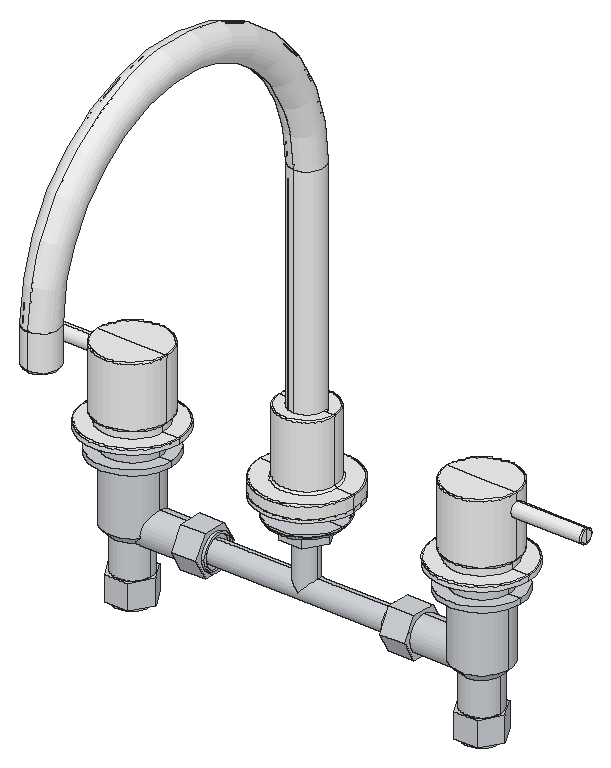
Revit family "Reece_Tap_Sussex_Scala_Curved_Sink Set", category Plumbing Fixtures, host Face, Revit 2018
Family settings
  Host = Face
  Round Connector Dimension = Use Diameter
  Part Type = Normal
  Cut with Voids When Loaded = No
  Shared = Yes
  Room Calculation Point = Yes
Parameters (values of type "190 mm_3 Star_Satin Chrome")
  WFU = 0  # constant formula
  URL = "https://www.reece.com.au/product/-2261468"
  Type Comments = "Tap"
  Reece_Tap_Reach = 190 mm  # constant formula
  Reece_Tap_Inlet = 12 mm  # constant formula
  Reece_Tap_Handle_Spacing [instance] = if(Reece_Tap_Axis Distance < 70 mm, 70 mm, if(Reece_Tap_Axis Distance > 70 mm, Reece_Tap_Axis Distance, Reece_Tap_Axis Distance))  # 100 mm
  Reece_Tap_Handle_Height = 43 mm  # constant formula
  Reece_Tap_Clearance = 150 mm  # constant formula
  Reece_Tap_Axis Distance [instance] = 100 mm
  Reece_Product_Web Page = "https://www.reece.com.au/product/-2261468"
  Reece_Product_Type = "Tap"  # constant formula
  Reece_Product_Sub Brand = "Scala"  # constant formula
  Reece_Product_Number = "2261468"
  Reece_Product_Mount = "Hob Mounted"
  Reece_Product_Description = "Sussex Scala Hob Sink Set Curved Satin Chrome (3 Star)"
  Reece_Product_Brand = "Sussex"  # constant formula
  Reece_Overall_Height = 275 mm  # constant formula
  Reece_Overall_Diameter = 54 mm  # constant formula
  Reece_Material_Main = Reece_Brass_Satin Chrome
  Reece_Detail_Shape = "Curved"  # constant formula
  Reece_Detail_Disclaimer = "THIS FILE IS THE PROPERTY OF THE REECE GROUP. IT MAY NOT BE REPRODUCED, REVERSE-ENGINEERED OR MODIFIED. ANY REPUBLICATION, TRANSMISSION OR DISTRIBUTION FOR THE PURPOSE OF COMMERCIALLY EXPLOITING THE FILES IS PROHIBITED."  # constant formula
  Reece_Detail_Additional = "Sink Set"  # constant formula
  Reece_Backplate_Thickness = 3 mm  # constant formula
  Model = "Scala"
  Manufacturer = "Sussex"
  Keynote = "Product #2261468, Reece_Tap_Sussex_Scala_Curved_Sink Set - 190 mm_3 Star_Satin Chrome"
  HWFU = 0  # constant formula
  Disclaimer = "THIS FILE IS THE PROPERTY OF THE REECE GROUP. IT MAY NOT BE REPRODUCED, REVERSE-ENGINEERED OR MODIFIED. ANY REPUBLICATION, TRANSMISSION OR DISTRIBUTION FOR THE PURPOSE OF COMMERCIALLY EXPLOITING THE FILES IS PROHIBITED."  # constant formula
  Description = "Scala Hob Sink Set Curved Satin Chrome (3 Star)"
  Default Elevation = 1000 mm
  CWFU = 0  # constant formula
Types (3, lengths in mm): name | URL | Reece_Product_Web Page | Reece_Product_Number | Reece_Product_Description | Reece_Material_Main | Keynote | Description
  190 mm_3 Star_PVD Brushed Platinum Gold | "https://www.reece.com.au/product/-2268277" | "https://www.reece.com.au/product/-2268277" | "2268277" | "Sussex Scala Hob Sink Set Curved LUX PVD Brushed Platinum Gold (3 Star)" | Reece_PVD_Brushed_Platinum Gold | "Product #2268277, Reece_Tap_Sussex_Scala_Curved_Sink Set - 190 mm_3 Star_PVD Brushed Platinum Gold" | "Scala Hob Sink Set Curved LUX PVD Brushed Platinum Gold (3 Star)"
  190 mm_3 Star_Chrome | "https://www.reece.com.au/product/-2261423" | "https://www.reece.com.au/product/-2261423" | "2261423" | "Sussex Scala Hob Sink Set Curved Chrome (3 Star)" | Reece_Brass_Chrome | "Product #2261423, Reece_Tap_Sussex_Scala_Curved_Sink Set - 190 mm_3 Star_Chrome" | "Scala Hob Sink Set Curved Chrome (3 Star)"
  190 mm_3 Star_Satin Chrome | "https://www.reece.com.au/product/-2261468" | "https://www.reece.com.au/product/-2261468" | "2261468" | "Sussex Scala Hob Sink Set Curved Satin Chrome (3 Star)" | Reece_Brass_Satin Chrome | "Product #2261468, Reece_Tap_Sussex_Scala_Curved_Sink Set - 190 mm_3 Star_Satin Chrome" | "Scala Hob Sink Set Curved Satin Chrome (3 Star)"
Reference planes
  plane 1 "Center (Front/Back)": y = 0
  plane 2 "Bottom": z = 0
  plane 3 "Center (Left/Right)": x = 0
  plane 4: x = 100
  plane 5: x = -100
  plane 6: z = 43
  plane 7: x = -73
  plane 8: x = -127
  plane 9: x = -27
  plane 10: x = 27
  plane 11: x = -9.5
  plane 12: x = 9.5
  plane 13: y = -27
  plane 14: z = 3
  plane 15: z = 150
  plane 16: y = -190
  plane 17: z = 275
Forms (mm)
  Revolve 1, void
    sketch origin (100, 0, 0) x (1, 0, 0) y (0, 0, 1)
      loop
        line (-100, 0) -> (-100, -25) -> (-88, -25) -> (-88, 0) -> (-100, 0)
      axis (-100, 0) -> (-100, -25)
    angle from 0 to 360
  Extrusion 2, void
    sketch origin (0, 60, 0) x (1, 0, 0) y (0, 1, 0)
      loop
        circle (-100, -60) r 15
    from -46.469 to 0
  Extrusion 3, void
    sketch origin (0, -20, 0) x (-1, 0, 0) y (0, -1, 0)
      loop
        circle (-100, -20) r 15
    from -46.469 to 0
  Revolve 4, solid, material "Reece_Brass_Satin Chrome" <- "Reece_Material_Main"
    sketch origin (0, 0, 0) x (1, 0, 0) y (0, 0, 1)
      loop
        line (13.5, 2.5) -> (13.5, 3.5)
        arc (13.5, 3.5) -> (13.354, 3.854) -> (13, 4) r 0.5
        line (13, 4) -> (0, 4) -> (0, 0) -> (27, 0) -> (27, 2)
        arc (27, 2) -> (26.854, 2.354) -> (26.5, 2.5) r 0.5
        line (26.5, 2.5) -> (13.5, 2.5)
      axis (0, 0) -> (0, 4)
    angle from 0 to 360
  Sweep 5, solid, material "Reece_Brass_Satin Chrome" <- "Reece_Material_Main"
    path origin (0, 0, -255.954) x (0, 1, 0) y (0, 0, 1)
      loop
        line (0, 299.515) -> (0, 426.421)
        arc (0, 426.421) -> (-95, 521.421) -> (-190, 426.421) r 95
    profile origin (0, 0, 107.014) x (0, -1, 0) y (1, 0, 0)
      loop
        circle (0, 0) r 9.5
      loop
        circle (0, 0) r 8.5
  Revolve 6, solid, material "Reece_Brass_Satin Chrome" <- "Reece_Material_Main"
    sketch origin (0, -60, 65) x (0, 1, 0) y (0, 0, 1)
      loop
        line (-130, 85) -> (-130, 106.625) -> (-138.58, 106.625) -> (-138.58, 105.625) -> (-139.486, 105.625) -> (-139.486, 85.5)
        arc (-139.486, 85.5) -> (-139.34, 85.146) -> (-138.986, 85) r 0.5
        line (-138.986, 85) -> (-137.94, 85) -> (-137.94, 85.906) -> (-136.752, 85.906) -> (-136.592, 85) -> (-130, 85)
      axis (-130, 106.625) -> (-130, 85)
    angle from 0 to 360
  Revolve 7, solid, material "Reece_Brass_Satin Chrome" <- "Reece_Material_Main"
    sketch origin (0, 0, 0) x (1, 0, 0) y (0, 0, 1)
      loop
        arc (17.021, 9) -> (16.299, 9.299) -> (16, 10.021) r 1.021
        line (16, 10.021) -> (16, 45.5)
        arc (16, 45.5) -> (15.854, 45.854) -> (15.5, 46) r 0.5
        line (15.5, 46) -> (9.8, 46) -> (9.8, 43.561) -> (0, 43.561) -> (0, 0) -> (27, 0) -> (27, 8.5)
        arc (27, 8.5) -> (26.854, 8.854) -> (26.5, 9) r 0.5
        line (26.5, 9) -> (17.021, 9)
      axis (0, 0) -> (0, 46)
    angle from 0 to 360
  Revolve 8, void
    sketch origin (0, 0, -0.156) x (0, 1, 0) y (0, 0, 1)
      loop
        line (-190, 169.419) -> (-190, 171.095) -> (-201.153, 171.095) -> (-201.153, 169.419) -> (-190, 169.419)
      axis (-190, 171.095) -> (-190, 169.419)
    angle from 0 to 360
  Revolve 9, solid
    sketch origin (-0.119, 0, -0.763) x (1, 0, 0) y (0, 0, 1)
      loop
        line (0, 5.835) -> (0, -47) -> (6.5, -47) -> (6.5, -11.7) -> (18.888, -11.7)
        arc (18.888, -11.7) -> (19.596, -11.407) -> (19.888, -10.7) r 1
        line (19.888, -10.7) -> (19.888, -9.6) -> (20.888, -9.6) -> (20.888, -8.742) -> (10, -8.742) -> (10, 5.835) -> (0, 5.835)
      axis (0, 5.835) -> (0, -47)
    angle from 0 to 360
  Revolve 10, solid
    sketch origin (-0.119, 0, -0.763) x (1, 0, 0) y (0, 0, 1)
      loop
        line (50.612, -47) -> (50.612, -40.5) -> (-66.612, -40.5) -> (-66.612, -37.123) -> (-99.259, -37.123) -> (-99.259, -47) -> (-70.103, -47) -> (50.612, -47)
      loop
        line (66.612, -37.123) -> (66.612, -47) -> (99.893, -47) -> (99.893, -37.123) -> (66.612, -37.123)
      axis (99.893, -47) -> (-99.259, -47)
    angle from 0 to 360
  Extrusion 11, solid
    sketch origin (-121.731, -0.379, -50.644) x (0, 1, 0) y (0, 0, 1)
      loop
        line (-12.921, 2.881) -> (-6.271, -8.637) -> (7.029, -8.637) -> (13.679, 2.881) -> (7.029, 14.399) -> (-6.271, 14.399) -> (-12.921, 2.881)
    from 55 to 69
  Extrusion 12, solid
    sketch origin (-52.731, -0.379, -50.644) x (0, 1, 0) y (0, 0, 1)
      loop
        circle (0.379, 2.881) r 10
      loop
        circle (0.379, 2.881) r 9
    from 0 to 2
  Revolve 13, solid
    sketch origin (-4.865, 0, -0.763) x (1, 0, 0) y (0, 0, 1)
      loop
        line (-110.559, -12.6) -> (-110.559, -48.588) -> (-105.61, -53.538) -> (-105.61, -72.919) -> (-104.007, -74.52) -> (-95, -74.52) -> (-95, 22.835) -> (-105, 22.835) -> (-105, 0.835) -> (-110.559, -2.375) -> (-110.559, -9.6) -> (-117.347, -9.6) -> (-117.347, -12.6) -> (-110.559, -12.6)
      axis (-95, 22.835) -> (-95, -74.52)
    angle from 0 to 360
  Extrusion 14, solid
    sketch origin (-104.865, 0, -73.682) x (0, 1, 0) y (1, 0, 0)
      loop
        line (0.001, 18.3) -> (-11.518, 11.65) -> (-11.518, -1.65) -> (0.001, -8.3) -> (11.519, -1.65) -> (11.519, 11.65) -> (0.001, 18.3)
    from 0 to 14
  Extrusion 15, solid
    sketch origin (-104.865, 0, -87.682) x (-1, 0, 0) y (0, 1, 0)
      loop
        circle (-5, 0.001) r 10
      loop
        circle (-5, 0.001) r 9
    from 0 to 2
  Extrusion 16, solid
    sketch origin (105.135, 0, -73.682) x (0, 1, 0) y (1, 0, 0)
      loop
        line (0.001, 8.3) -> (-11.518, 1.65) -> (-11.518, -11.65) -> (0.001, -18.3) -> (11.519, -11.65) -> (11.519, 1.65) -> (0.001, 8.3)
    from 0 to 14
  Extrusion 17, solid
    sketch origin (105.135, 0, -87.682) x (-1, 0, 0) y (0, 1, 0)
      loop
        circle (5, 0.001) r 10
      loop
        circle (5, 0.001) r 9
    from 0 to 2
  Extrusion 18, solid
    sketch origin (57.492, -0.379, -50.644) x (0, 1, 0) y (0, 0, 1)
      loop
        line (-12.921, 2.881) -> (-6.271, -8.637) -> (7.029, -8.637) -> (13.679, 2.881) -> (7.029, 14.399) -> (-6.271, 14.399) -> (-12.921, 2.881)
    from -5 to 9
  Extrusion 19, solid
    sketch origin (52.492, -0.379, -50.644) x (0, -1, 0) y (0, 0, 1)
      loop
        circle (-0.379, 2.881) r 10
      loop
        circle (-0.379, 2.881) r 9
    from 0 to 2
  Revolve 20, solid
    sketch origin (5.135, 0, -0.763) x (-1, 0, 0) y (0, 0, -1)
      loop
        line (-110.559, 12.6) -> (-117.347, 12.6) -> (-117.347, 9.6) -> (-110.559, 9.6) -> (-110.559, 2.375) -> (-105, -0.835) -> (-105, -22.835) -> (-95, -22.835) -> (-95, 74.52) -> (-104.007, 74.52) -> (-105.61, 72.919) -> (-105.61, 53.538) -> (-110.559, 48.588) -> (-110.559, 12.6)
      axis (-95, -22.835) -> (-95, 74.52)
    angle from 0 to 360
  Extrusion 21, solid
    sketch origin (-0.119, 0, -12.463) x (0, 1, 0) y (1, 0, 0)
      loop
        line (0.001, 13.3) -> (-11.518, 6.65) -> (-11.518, -6.65) -> (0.001, -13.3) -> (11.519, -6.65) -> (11.519, 6.65) -> (0.001, 13.3)
    from 0 to 8.3
Cuts and joins
  Revolve 8 cuts Sweep 5
  joined: Revolve 9, Revolve 10, Revolve 13, Revolve 20
Text (mm)
  text "Reece Copyright © 2018, Reece Ltd." at (-168.326, -191.773, 0), in view "Ref. Level"
  text "Reece ©" at (44.384, 258.95, 192.345), in view "Reece Preview"
Dimensions and locks
  equal spacing: plane 5, plane 3 "Center (Left/Right)", plane 4
  plane 5 to plane 4 = 200 mm
  "Reece_Tap_Handle_Height": plane 6 to plane 2 "Bottom"
  "Reece_Overall_Diameter": plane 8 to plane 7
  equal spacing: plane 8, plane 5, plane 7
  "Reece_Overall_Diameter": plane 9 to plane 10
  "Reece_Tap_Handle_Spacing": plane 5 to plane 3 "Center (Left/Right)"
  "Reece_Tap_Handle_Spacing": plane 3 "Center (Left/Right)" to plane 4
  plane 11 to plane 12 = 19 mm
  "Reece_Backplate_Thickness": plane 14 to plane 2 "Bottom"
  "Reece_Tap_Clearance": plane 15 to plane 2 "Bottom"
  nested 2 to nested 2 = 80 mm
  nested 1 to nested 1 = 40 mm
  "Reece_Tap_Reach": plane 1 "Center (Front/Back)" to plane 16
  "Reece_Overall_Height": plane 17 to plane 2 "Bottom"
  aligned and locked: plane 2 "Bottom" to host face
  aligned and locked: level to host face
  aligned and locked: nested 1 to plane 4
  aligned and locked: plane 1 "Center (Front/Back)" to nested 1
  aligned and locked: plane 5 to nested 2
  aligned and locked: nested 2 to plane 1 "Center (Front/Back)"
Automatic sketch dimensions
  host sketch curve to host sketch curve = 418.755 mm
  host sketch curve to host sketch curve = 277.121 mm
  Revolve 1 sketch curve to level = 0 mm
  Revolve 1 sketch curve to plane 3 "Center (Left/Right)" = 0 mm  (x2)
  plane 12 to Revolve 1 sketch curve = 2.5 mm
  Revolve 1 sketch curve to Revolve 1 sketch curve = 25 mm
  Revolve 1 sketch curve to Revolve 1 sketch curve = 10 mm
  Revolve 1 sketch curve to Revolve 1 sketch curve = 40 mm
  plane 1 "Center (Front/Back)" to Extrusion 2 sketch curve = 0 mm
  Extrusion 2 sketch curve to plane 5 = 0 mm
  plane 1 "Center (Front/Back)" to Extrusion 3 sketch curve = 0 mm
  Extrusion 3 sketch curve to plane 4 = 0 mm
  Revolve 4 sketch curve to level = 0 mm
  Revolve 4 sketch curve to plane 3 "Center (Left/Right)" = 0 mm  (x2)
  plane 10 to Revolve 4 sketch curve = 0 mm
  plane 14 to Revolve 4 sketch curve = 1 mm
  plane 12 to Revolve 4 sketch curve = 3.5 mm
  Revolve 4 sketch curve to Revolve 4 sketch curve = 0.5 mm
  plane 10 to Revolve 4 sketch curve = 0.5 mm
  level to Revolve 4 sketch curve = 2 mm
  Revolve 4 sketch curve to Revolve 4 sketch curve = 7.23 mm
  Revolve 4 sketch curve to Revolve 4 sketch curve = 12.77 mm
  Sweep 5 sketch curve to plane 1 "Center (Front/Back)" = 0 mm
  plane 6 to Sweep 5 sketch curve = 0.561 mm
  Sweep 5 sketch curve to Sweep 5 sketch curve = 0 mm  (x2)
  Sweep 5 sketch curve to profile plane = 0 mm  (x2)
  Revolve 6 sketch curve to Revolve 6 sketch curve = 0.5 mm
  Revolve 6 sketch curve to Revolve 6 sketch curve = 0.906 mm  (x2)
  Revolve 6 sketch curve to Revolve 6 sketch curve = 1.047 mm
  Revolve 6 sketch curve to Revolve 6 sketch curve = 1.188 mm
  Revolve 6 sketch curve to Revolve 6 sketch curve = 0.16 mm
  Revolve 6 sketch curve to Revolve 6 sketch curve = 6.592 mm
  Revolve 6 sketch curve to Revolve 6 sketch curve = 0.406 mm
  Revolve 6 sketch curve to Revolve 6 sketch curve = 0 mm
  Revolve 6 sketch curve to Revolve 6 sketch curve = 17 mm
  Revolve 7 sketch curve to plane 3 "Center (Left/Right)" = 0 mm  (x2)
  plane 10 to Revolve 7 sketch curve = 0 mm
  Revolve 7 sketch curve to level = 0 mm
  plane 12 to Revolve 7 sketch curve = 0.3 mm
  plane 6 to Revolve 7 sketch curve = 2.5 mm
  Revolve 7 sketch curve to Revolve 7 sketch curve = 5.7 mm
  Revolve 7 sketch curve to Revolve 7 sketch curve = 0.5 mm
  Revolve 7 sketch curve to Revolve 7 sketch curve = 1.021 mm
  plane 6 to Revolve 7 sketch curve = 0.561 mm
  Revolve 7 sketch curve to Revolve 7 sketch curve = 7.23 mm
  Revolve 7 sketch curve to Revolve 7 sketch curve = 12.77 mm
  Revolve 8 sketch curve to Revolve 8 sketch curve = 11.153 mm
  Revolve 8 sketch curve to Revolve 8 sketch curve = 1.676 mm
  Revolve 8 sketch curve to Revolve 8 sketch curve = 0 mm
  Revolve 8 sketch curve to Revolve 8 sketch curve = 3.261 mm
  Revolve 8 sketch curve to Revolve 8 sketch curve = 2.316 mm
  Sweep 5 sketch curve to plane 13 = 68 mm
  Revolve 6 sketch curve to plane 13 = 172.486 mm
  Revolve 8 sketch curve to plane 13 = 174.153 mm
  plane 15 to Sweep 5 sketch curve = 20.467 mm
  Revolve 6 sketch curve to plane 15 = 0 mm
  Revolve 6 sketch curve to Revolve 6 sketch curve = 19.719 mm
  Revolve 6 sketch curve to Revolve 6 sketch curve = 1 mm
  Revolve 6 sketch curve to Revolve 6 sketch curve = 11.375 mm
  plane 15 to Revolve 8 sketch curve = 19.263 mm
  plane 10 to Revolve 7 sketch curve = 0.5 mm
  plane 14 to Revolve 7 sketch curve = 5.5 mm
  Revolve 9 sketch curve to plane 3 "Center (Left/Right)" = 0.119 mm  (x2)
  Revolve 9 sketch curve to plane 12 = 3.119 mm
  plane 12 to Revolve 9 sketch curve = 0.381 mm
  plane 10 to Revolve 9 sketch curve = 8.231 mm
  Revolve 9 sketch curve to Revolve 9 sketch curve = 1 mm  (x2)
  Revolve 9 sketch curve to level = 47.763 mm
  Revolve 9 sketch curve to level = 12.463 mm
  Revolve 9 sketch curve to Revolve 9 sketch curve = 1.1 mm
  Revolve 9 sketch curve to Revolve 9 sketch curve = 2.958 mm
  plane 14 to Revolve 9 sketch curve = 2.072 mm
  Revolve 9 sketch curve to Revolve 9 sketch curve = 9.761 mm
  Revolve 9 sketch curve to Revolve 9 sketch curve = 17.404 mm
  Revolve 10 sketch curve to plane 5 = 0.621 mm
  Revolve 10 sketch curve to plane 7 = 2.777 mm
  Revolve 10 sketch curve to plane 7 = 6.269 mm
  Revolve 10 sketch curve to plane 10 = 23.492 mm
  Revolve 10 sketch curve to Revolve 10 sketch curve = 16 mm
  Revolve 10 sketch curve to plane 4 = 0.227 mm
  Revolve 10 sketch curve to level = 47.763 mm  (x2)
  Revolve 10 sketch curve to Revolve 10 sketch curve = 6.5 mm
  Revolve 10 sketch curve to Revolve 10 sketch curve = 3.377 mm
  Revolve 10 sketch curve to Revolve 10 sketch curve = 9.877 mm
  plane 8 to Revolve 10 sketch curve = 3.119 mm
  plane 4 to Revolve 10 sketch curve = 24.881 mm
  Revolve 10 sketch curve to Revolve 10 sketch curve = 0 mm
  plane 1 "Center (Front/Back)" to Extrusion 11 sketch curve = 13.3 mm
  plane 1 "Center (Front/Back)" to Extrusion 11 sketch curve = 6.65 mm  (x2)
  Extrusion 11 sketch curve to plane 1 "Center (Front/Back)" = 6.65 mm  (x2)
  Extrusion 11 sketch curve to plane 1 "Center (Front/Back)" = 13.3 mm
  Extrusion 11 sketch curve to level = 59.281 mm
  Extrusion 11 sketch curve to Extrusion 11 sketch curve = 11.518 mm  (x3)
  Extrusion 12 sketch curve to Extrusion 12 sketch curve = 0 mm  (x2)
  Extrusion 12 sketch curve to Extrusion 11 = 11.518 mm  (x2)
  Revolve 13 sketch curve to plane 8 = 4.788 mm
  Revolve 13 sketch curve to Revolve 13 sketch curve = 6.788 mm  (x2)
  Revolve 13 sketch curve to level = 3.137 mm
  Revolve 13 sketch curve to Revolve 13 sketch curve = 4.95 mm  (x2)
  level to Revolve 13 sketch curve = 0.072 mm
  Revolve 13 sketch curve to Revolve 13 sketch curve = 5.559 mm
  Revolve 13 sketch curve to Revolve 13 sketch curve = 1.602 mm
  Revolve 13 sketch curve to plane 5 = 0.135 mm  (x2)
  Revolve 13 sketch curve to Revolve 13 sketch curve = 7.226 mm
  Revolve 13 sketch curve to Revolve 13 sketch curve = 3 mm
  Revolve 13 sketch curve to Revolve 13 sketch curve = 35.988 mm
  Revolve 13 sketch curve to Revolve 13 sketch curve = 19.382 mm
  Revolve 13 sketch curve to Revolve 13 sketch curve = 1.601 mm
  Revolve 13 sketch curve to Revolve 13 sketch curve = 0 mm
  plane 14 to Revolve 13 sketch curve = 19.072 mm
  Revolve 13 sketch curve to Revolve 13 sketch curve = 38.18 mm
  Revolve 13 sketch curve to plane 15 = 28.463 mm
  plane 1 "Center (Front/Back)" to Extrusion 14 sketch curve = 11.518 mm
  Extrusion 14 sketch curve to plane 1 "Center (Front/Back)" = 0.001 mm  (x2)
  Extrusion 14 sketch curve to plane 1 "Center (Front/Back)" = 11.519 mm
  Extrusion 14 sketch curve to plane 5 = 13.434 mm
  Extrusion 14 sketch curve to plane 5 = 6.784 mm  (x2)
  plane 5 to Extrusion 14 sketch curve = 6.516 mm  (x2)
  plane 5 to Extrusion 14 sketch curve = 13.166 mm
  Extrusion 15 sketch curve to Extrusion 15 sketch curve = 0 mm  (x2)
  Extrusion 14 to Extrusion 15 sketch curve = 11.518 mm  (x2)
  plane 1 "Center (Front/Back)" to Extrusion 16 sketch curve = 11.518 mm
  Extrusion 16 sketch curve to plane 1 "Center (Front/Back)" = 0.001 mm  (x2)
  Extrusion 16 sketch curve to plane 1 "Center (Front/Back)" = 11.519 mm
  plane 4 to Extrusion 16 sketch curve = 13.435 mm
  plane 4 to Extrusion 16 sketch curve = 6.785 mm  (x2)
  Extrusion 16 sketch curve to plane 4 = 6.515 mm  (x2)
  Extrusion 16 sketch curve to plane 4 = 13.165 mm
  Extrusion 17 sketch curve to Extrusion 17 sketch curve = 0 mm  (x2)
  Extrusion 17 sketch curve to plane 1 "Center (Front/Back)" = 0.001 mm
  plane 4 to Extrusion 17 sketch curve = 0.135 mm
  plane 1 "Center (Front/Back)" to Extrusion 18 sketch curve = 13.3 mm
  plane 1 "Center (Front/Back)" to Extrusion 18 sketch curve = 6.65 mm  (x2)
  Extrusion 18 sketch curve to plane 1 "Center (Front/Back)" = 6.65 mm  (x2)
  Extrusion 18 sketch curve to plane 1 "Center (Front/Back)" = 13.3 mm
  Extrusion 18 sketch curve to level = 59.281 mm
  Extrusion 18 sketch curve to Extrusion 18 sketch curve = 11.518 mm  (x3)
  Extrusion 19 sketch curve to Extrusion 19 sketch curve = 0 mm  (x2)
  Extrusion 19 sketch curve to Extrusion 18 = 11.518 mm  (x2)
  plane 4 to Revolve 20 sketch curve = 22.482 mm
  Revolve 20 sketch curve to Revolve 20 sketch curve = 6.788 mm  (x2)
  Revolve 20 sketch curve to level = 3.137 mm
  Revolve 20 sketch curve to Revolve 20 sketch curve = 4.95 mm  (x2)
  level to Revolve 20 sketch curve = 0.072 mm
  Revolve 20 sketch curve to Revolve 20 sketch curve = 5.559 mm
  Revolve 20 sketch curve to Revolve 20 sketch curve = 1.602 mm
  plane 4 to Revolve 20 sketch curve = 0.135 mm  (x2)
  plane 14 to Revolve 20 sketch curve = 19.072 mm
  Revolve 20 sketch curve to Revolve 20 sketch curve = 7.226 mm
  Revolve 20 sketch curve to Revolve 20 sketch curve = 3 mm
  Revolve 20 sketch curve to Revolve 20 sketch curve = 35.988 mm
  Revolve 20 sketch curve to Revolve 20 sketch curve = 19.382 mm
  Revolve 20 sketch curve to Revolve 20 sketch curve = 1.601 mm
  Revolve 20 sketch curve to Revolve 20 sketch curve = 0 mm
  Revolve 20 sketch curve to plane 15 = 28.463 mm
  Revolve 20 sketch curve to Revolve 20 sketch curve = 38.18 mm
  Extrusion 21 sketch curve to plane 12 = 2.969 mm  (x2)
  plane 1 "Center (Front/Back)" to Extrusion 21 sketch curve = 11.518 mm
  Extrusion 21 sketch curve to plane 1 "Center (Front/Back)" = 0.001 mm  (x2)
  Extrusion 21 sketch curve to plane 1 "Center (Front/Back)" = 11.519 mm
  plane 12 to Extrusion 21 sketch curve = 3.681 mm
  Extrusion 21 sketch curve to plane 11 = 2.731 mm  (x2)
  plane 11 to Extrusion 21 sketch curve = 3.919 mm
  radius of Extrusion 2 sketch curve = 15 mm
  radius of Extrusion 3 sketch curve = 15 mm
  radius of Sweep 5 sketch curve = 9.5 mm
  radius of Sweep 5 sketch curve = 8.5 mm
  radius of Extrusion 12 sketch curve = 10 mm
  radius of Extrusion 12 sketch curve = 9 mm
  radius of Extrusion 15 sketch curve = 10 mm
  radius of Extrusion 15 sketch curve = 9 mm
  radius of Extrusion 17 sketch curve = 10 mm
  radius of Extrusion 17 sketch curve = 9 mm
  radius of Extrusion 19 sketch curve = 10 mm
  radius of Extrusion 19 sketch curve = 9 mm
Nested families
  nested 1: "Reece_Tap_Sussex_Scala_Set_Mixer_Nested" at (100, 0, 0) x (0, -1, 0) z (0, 0, 1), Reece_Material_Main <- "Reece_Material_Main", Reece_Backplate_Thickness <- "Reece_Backplate_Thickness", Reece_Tap_Handle_Height <- "Reece_Tap_Handle_Height", type "Reece_Tap_Sussex_Scala_Set_Mixer_Nested"
    with Reece_Tap_Handle_Height 43 mm, Reece_Material_Main Reece_Brass_Satin Chrome, Reece_Backplate_Thickness 3 mm
  nested 2: "Reece_Tap_Sussex_Scala_Set_Mixer_Nested" at (-100, 0, 0) x (0, -1, 0) z (0, 0, 1), Reece_Material_Main <- "Reece_Material_Main", Reece_Backplate_Thickness <- "Reece_Backplate_Thickness", Reece_Tap_Handle_Height <- "Reece_Tap_Handle_Height", type "Reece_Tap_Sussex_Scala_Set_Mixer_Nested"
    with Reece_Tap_Handle_Height 43 mm, Reece_Material_Main Reece_Brass_Satin Chrome, Reece_Backplate_Thickness 3 mm
Connectors
  piping at (-99.866, 0.001, -89.682), diameter 12, driven by "Reece_Tap_Inlet"
    settings: on Extrusion 15, index 1, connector inside diameter 609.6 mm, connector length 0 mm, flow factor 0, pipe flow 0.0 L/s, pressure drop 0.0 Pa, fitting loss kfactor 0, connector angle 0.00°, fixture units 0, engagement length 0 mm, angle of deflection 0.00°, flow configuration 0, flow direction 1, fitting loss method 0, system type 29, joint type 0, gender type 0, connector reference index -1, connector utility 0, adjustable connector no, is connector primary yes, connector description ""
  piping at (100.135, 0.001, -89.682), diameter 12, driven by "Reece_Tap_Inlet"
    settings: on Extrusion 17, index 2, connector inside diameter 609.6 mm, connector length 0 mm, flow factor 0, pipe flow 0.0 L/s, pressure drop 0.0 Pa, fitting loss kfactor 0, connector angle 0.00°, fixture units 0, engagement length 0 mm, angle of deflection 0.00°, flow configuration 0, flow direction 1, fitting loss method 0, system type 29, joint type 0, gender type 0, connector reference index -1, connector utility 0, adjustable connector no, is connector primary no, connector description ""
Definition of nested family "Reece_Tap_Sussex_Scala_Set_Mixer_Nested"
  Parameters (values of type "Reece_Tap_Sussex_Scala_Set_Mixer_Nested")
    Waste Connection = no
    WFU = 0
    Vent Connection = no
    URL = ""
    Type Comments = ""
    Reece_Tap_Handle_Height [instance] = 45 mm
    Reece_Material_Main [instance] = none
    Reece_Backplate_Thickness [instance] = 3 mm
    Model = ""
    Manufacturer = ""
    Keynote = ""
    HWFU = 0
    HW Connection = no
    Description = ""
    Default Elevation = 0 mm
    Cost = 0
    CWFU = 0
    CW Connection = no
    Assembly Code = ""
  Reference planes
    plane 1 "Center (Front/Back)": y = 0
    plane 2 "Bottom": z = 0
    plane 3 "Center (Left/Right)": x = 0
    plane 4: y = -27
    plane 5: y = 27
    plane 6: y = -20
    plane 7: y = 20
    plane 8: z = 36.5
    plane 9: x = -27
    plane 10: x = 27
    plane 11: y = 60
    plane 12: z = 45
    plane 13: z = 3
  Forms (mm)
    Extrusion 1, solid
      sketch origin (619.2, -619.2, 0) x (1, 0, 0) y (0, 1, 0)
        loop
          line (-809.2, 779.2) -> (-809.2, 461.779) -> (-428.415, 461.779) -> (-428.415, 779.2) -> (-809.2, 779.2)
      from 0 to -9.564
    Revolve 2, solid, material <- "Reece_Material_Main"
      sketch origin (0, 0, 0) x (0, 1, 0) y (0, 0, 1)
        loop
          line (0, 0) -> (0, 45) -> (-19.5, 45)
          arc (-19.5, 45) -> (-19.854, 44.854) -> (-20, 44.5) r 0.5
          line (-20, 44.5) -> (-20, 8.5)
          arc (-20, 8.5) -> (-19.854, 8.146) -> (-19.5, 8) r 0.5
          line (-19.5, 8) -> (-17.75, 8) -> (-17.75, 3) -> (-26.5, 3)
          arc (-26.5, 3) -> (-26.854, 2.854) -> (-27, 2.5) r 0.5
          line (-27, 2.5) -> (-27, 0) -> (0, 0)
        axis (0, 45) -> (0, 0)
      angle from 0 to 360
    Revolve 3, solid, material <- "Reece_Material_Main"
      sketch origin (0, 0, 0) x (0, -1, 0) y (0, 0, -1)
        loop
          line (0, -36.5) -> (-60, -36.5) -> (-60, -40)
          arc (-60, -40) -> (-59.854, -40.354) -> (-59.5, -40.5) r 0.5
          line (-59.5, -40.5) -> (0, -40.5) -> (0, -36.5)
        axis (0, -36.5) -> (-60, -36.5)
      angle from 0 to 360
  Cuts and joins
    joined: Revolve 2, Revolve 3
  Text (mm)
    text "Reece Copyright © 2018, Reece Ltd." at (-1403.988, -1192.393, 0), in view "Ref. Level"
    text "Reece ©" at (44.384, 258.95, 192.345), in view "Reece Preview"
  Dimensions and locks
    locked: plane 12 to plane 8 at 8.5
    "Reece_Backplate_Thickness": plane 13 to plane 2 "Bottom"
    "Reece_Tap_Handle_Height": plane 12 to plane 2 "Bottom"
    plane 11 to plane 6 = 80 mm
    aligned and locked: plane 2 "Bottom" to Extrusion 1
    aligned and locked: level to Extrusion 1
    aligned and locked: Revolve 2 sketch curve to plane 12
    aligned and locked: plane 13 to Revolve 2 sketch curve
  Automatic sketch dimensions
    Extrusion 1 sketch curve to Extrusion 1 sketch curve = 380.785 mm
    Extrusion 1 sketch curve to Extrusion 1 sketch curve = 317.421 mm
    plane 8 to Revolve 3 sketch curve = 0 mm
    Revolve 3 sketch curve to plane 11 = 0 mm
    Revolve 3 sketch curve to plane 8 = 0 mm
    Revolve 3 sketch curve to plane 1 "Center (Front/Back)" = 0 mm
    plane 11 to Revolve 3 sketch curve = 0.5 mm
    plane 8 to Revolve 3 sketch curve = 3.5 mm
    Revolve 3 sketch curve to plane 1 "Center (Front/Back)" = 5 mm
    Revolve 3 sketch curve to Revolve 3 sketch curve = 5 mm
    level to Revolve 2 sketch curve = 0 mm
    Revolve 2 sketch curve to plane 4 = 0 mm
    Revolve 2 sketch curve to plane 6 = 0 mm
    Revolve 2 sketch curve to plane 1 "Center (Front/Back)" = 0 mm  (x2)
    plane 4 to Revolve 2 sketch curve = 0.5 mm
    Revolve 2 sketch curve to Revolve 2 sketch curve = 0.5 mm  (x2)
    Revolve 2 sketch curve to Revolve 2 sketch curve = 1.75 mm
    Revolve 2 sketch curve to Revolve 2 sketch curve = 5 mm
    Revolve 2 sketch curve to level = 20 mm
    plane 13 to Revolve 2 sketch curve = 10 mm
